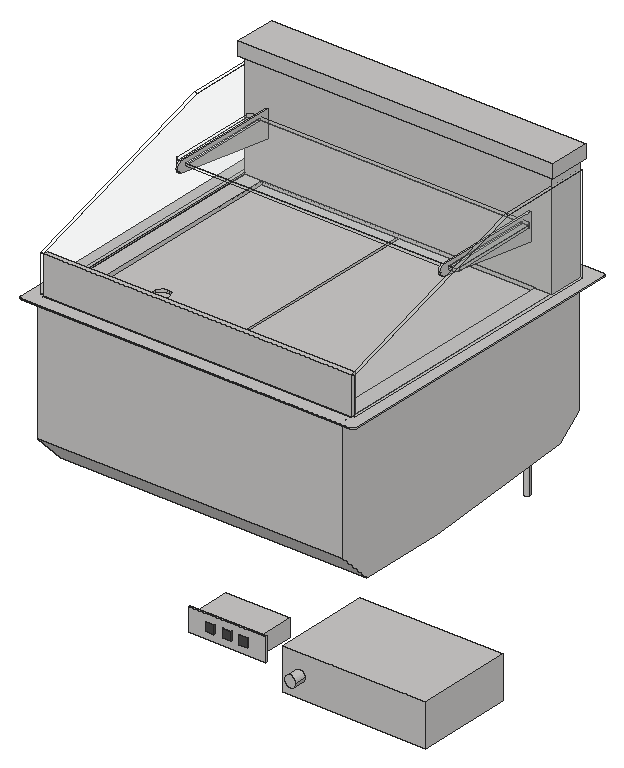
Revit family "QF_ELECTROLUXPROFESSIONAL_341103_D13R2", category Specialty Equipment, Revit 2018
Family settings
  Round Connector Dimension = Use Diameter
  Part Type = Normal
  Work Plane-Based = No
  Always vertical = Yes
  Cut with Voids When Loaded = No
  Shared = No
  Room Calculation Point = No
Parameters (values of type "341050.rfa")
  Weight = 50.70 kg
  Watts = 0 W
  Volts = 0 V
  URL Manufacturer = ""
  URL = ""
  Steam Supply Size = 0 mm
  Steam Supply Minimum Pressure = 0.0 Pa
  Steam Supply Maximum Pressure = 0.0 Pa
  Steam Pounds per Hour = 0
  Show Clearance [instance] = yes
  Remote Electrical Box_Z [instance] = 200.00 mm
  Remote Electrical Box_Y [instance] = 500.00 mm
  Remote Electrical Box_X [instance] = 600.00 mm
  Refrigeration Suction Line Size = 0.042 mm
  Refrigeration Liquid Line Size = 0.031 mm
  Refrigerant Compressor Remote = yes
  Manufacturer = ""
  Phase = 0
  Model = ""
  Length Actual = 800.00 mm  # constant formula
  Item Number = ""
  Hot Water Size = 0 mm
  Height Actual = 670.00 mm  # constant formula
  HP = "0.1 HP"
  Gas Size = 0 mm
  Gas KW = 0
  Gas Input Pressure = 0 W
  Direct Waste Size = 25.4 mm
  Description = ""
  Depth Actual = 750.00 mm  # constant formula
  Cycle = 0 Hz
  Controller_Y [instance] = 500.00 mm
  Controller_1Z [instance] = 200.00 mm
  Controller_1X [instance] = 300.00 mm
  Condensate Return Size = 0 mm
  Compressed Air Volume = 0.0 L/s
  Compressed Air Size = 0 mm
  Compressed Air Pressure = 0.0 Pa
  Cold Water Size = 0 mm
  Accessory = yes
Types (2, lengths in mm): name | Volts | URL Manufacturer | URL | Manufacturer | Phase | Model | Item Number | Description | Cycle
  341050.rfa | 0 V | "" | "" | "" | 0 | "" | "" | "" | 0 Hz
  Standard | 220 V | "http://professional.electrolux.com" | "http://professional.electrolux.com" | "Electrolux Professional" | 1 | "D13R2" | "341103" | "DROP-IN REMOTE, REFRIGERATED WELL, VENTILATED, 1 REF.SHELF AND 1 NEUTRAL SHELF, 2GN" | 50 Hz
Reference planes
  plane 1 "Centro (Fronte/Retro)": y = 74.737
  plane 2: z = 0
  plane 3 "BACK": y = 449.737
  plane 4 "FRONT": y = -300.263
  plane 5 "RIGHT": x = -114.269
  plane 6 "LEFT": x = -914.269
  plane 7: x = -514.269
  plane 8 "TOP": z = 900
  plane 9: y = 417.737
  plane 10: y = -268.263
  plane 11: x = -188.269
  plane 12: x = -840.269
  plane 13: y = 412.237
  plane 14: y = -269.483
  plane 15: x = -888.269
  plane 16: x = -140.269
  plane 17: z = 898
  plane 18: x = -689.269
  plane 19: x = -239.269
  plane 20: x = -677.269
  plane 21: x = -251.269
  plane 22: x = -517.269
  plane 23: x = -511.269
  plane 24: x = -880.269
  plane 25: x = -148.269
  plane 26: y = -229.763
  plane 27: y = 404.237
  plane 28: z = 535.31
  plane 29: z = 220
  plane 30: z = 1041
  plane 31: z = 1049
  plane 32: y = 308.954
  plane 33: y = 83.954
  plane 34: x = -850.269
  plane 35: x = -178.269
  plane 36: x = -828.269
  plane 37: x = -824.269
  plane 38: x = -204.269
  plane 39: x = -200.269
  plane 40 "1": y = -109.263
  plane 41: y = -195.263
  plane 42: y = 344.737
  plane 43: x = -614.269
  plane 44: x = -314.269
  plane 45: y = -50.263
  plane 46: y = -50.263
  plane 47: z = 200
  plane 48: z = 200
Forms (mm)
  Extrusion 1, solid, material "QF_Finishes_Stainless Steel"
    sketch origin (0, 0, 900) x (-1, 0, 0) y (0, -1, 0)
      loop
        arc (904.269, -449.737) -> (911.34, -446.808) -> (914.269, -439.737) r 10
        line (914.269, -439.737) -> (914.269, 290.263)
        arc (914.269, 290.263) -> (911.34, 297.334) -> (904.269, 300.263) r 10
        line (904.269, 300.263) -> (124.269, 300.263)
        arc (124.269, 300.263) -> (117.198, 297.334) -> (114.269, 290.263) r 10
        line (114.269, 290.263) -> (114.269, -439.737)
        arc (114.269, -439.737) -> (117.198, -446.808) -> (124.269, -449.737) r 10
        line (124.269, -449.737) -> (904.269, -449.737)
      loop
        line (880.269, -412.237) -> (880.269, 269.483) -> (148.269, 269.483) -> (148.269, -412.237) -> (880.269, -412.237)
    from 0 to -2
  Extrusion 2, solid, material "QF_Finishes_Stainless Steel"
    sketch origin (234.231, 362.737, 0) x (0, -1, 0) y (0, 0, -1)
      loop
        line (650.5, -605.13) -> (580.68, -535.31) -> (371.981, -535.31) -> (6.32, -567.301) -> (-49.5, -614.14) -> (-49.5, -898) -> (650.5, -898) -> (650.5, -605.13)
    from -1112 to -385
  Extrusion 3, solid, material "QF_Finishes_Stainless Steel"
    sketch origin (231.731, 362.737, 0) x (0, -1, 0) y (0, 0, -1)
      loop
        line (-48.737, -1150.8) -> (32.063, -1150.8) -> (32.063, -898) -> (-48.737, -898) -> (-48.737, -1150.8)
    from -1112 to -380
  Extrusion 4, void
    sketch origin (0, 0, 900) x (-1, 0, 0) y (0, -1, 0)
      loop
        line (840.269, 205.526) -> (188.269, 205.526) -> (188.269, -330.674) -> (840.269, -330.674) -> (840.269, 205.526)
    from 0 to -15
  Extrusion 5, solid, material "QF_Finishes_Stainless Steel"
    sketch origin (0, 0, 900) x (-1, 0, 0) y (0, -1, 0)
      loop
        line (517.269, -330.674) -> (840.269, -330.674) -> (840.269, 205.526) -> (517.269, 205.526) -> (517.269, -330.674)
    from -15 to -10
  Extrusion 6, solid, material "QF_Finishes_Stainless Steel"
    sketch origin (-1028.537, 0, 900) x (1, 0, 0) y (0, 1, 0)
      loop
        line (517.269, 330.674) -> (517.269, -205.526) -> (840.269, -205.526) -> (840.269, 330.674) -> (517.269, 330.674)
    from -15 to -10
  Extrusion 7, solid, material "QF_Finishes_Stainless Steel"
    sketch origin (231.731, 362.737, 0) x (0, -1, 0) y (0, 0, -1)
      loop
        line (41.663, -1182.8) -> (41.663, -1150.8) -> (-58.337, -1150.8) -> (-58.337, -1182.8) -> (41.663, -1182.8)
    from -1120 to -372
  Extrusion 8, solid, material "QF_Finishes_Glass"
    sketch origin (231.731, 362.737, 0) x (0, -1, 0) y (0, 0, -1)
      loop
        line (628.263, -989.8) -> (628.263, -900) -> (-48.737, -900) -> (-48.737, -1130.8) -> (171.263, -1130.8) -> (628.263, -989.8)
    from -372 to -380
  Extrusion 9, solid, material "QF_Finishes_Glass"
    sketch origin (-1260.269, 362.737, 0) x (0, -1, 0) y (0, 0, 1)
      loop
        line (628.263, 989.8) -> (171.263, 1130.8) -> (-48.737, 1130.8) -> (-48.737, 900) -> (628.263, 900) -> (628.263, 989.8)
    from -372 to -380
  Extrusion 10, solid, material "QF_Finishes_Stainless Steel"
    sketch origin (231.731, 362.737, 0) x (0, -1, 0) y (0, 0, -1)
      loop
        line (628.263, -900) -> (618.263, -900) -> (618.263, -989.8) -> (628.263, -989.8) -> (628.263, -900)
    from -1112 to -380
  Extrusion 11, solid, material "QF_Finishes_Glass"
    sketch origin (0, 0, 900) x (-1, 0, 0) y (0, -1, 0)
      loop
        line (850.219, -298.95) -> (850.219, -93.97)
        arc (850.219, -93.97) -> (847.273, -86.858) -> (840.161, -83.912) r 10.058
        line (840.161, -83.912) -> (188.269, -83.912)
        arc (188.269, -83.912) -> (181.198, -86.883) -> (178.269, -93.954) r 10
        line (178.269, -93.954) -> (178.269, -298.954)
        arc (178.269, -298.954) -> (180.997, -305.819) -> (187.694, -308.938) r 10
        line (187.694, -308.938) -> (840.247, -308.938)
        arc (840.247, -308.938) -> (847.304, -306.011) -> (850.219, -298.95) r 9.972
    from 141 to 149
  Extrusion 12, solid, material "QF_Finishes_Stainless Steel"
    sketch origin (231.731, 362.737, 0) x (0, -1, 0) y (0, 0, -1)
      loop
        line (32.063, -1057) -> (288, -1057)
        arc (288, -1057) -> (300, -1045) -> (288, -1033) r 12
        line (288, -1033) -> (32.063, -992.464) -> (32.063, -1057)
      loop
        line (278.825, -1049) -> (278.825, -1041) -> (53.8, -1041) -> (53.8, -1049) -> (278.825, -1049)
    from -436 to -432
  Extrusion 13, solid, material "QF_Finishes_Stainless Steel"
    sketch origin (-392.269, 362.737, 0) x (0, -1, 0) y (0, 0, -1)
      loop
        line (32.063, -1057) -> (288, -1057)
        arc (288, -1057) -> (300, -1045) -> (288, -1033) r 12
        line (288, -1033) -> (32.063, -992.464) -> (32.063, -1057)
      loop
        line (278.825, -1049) -> (278.825, -1041) -> (53.8, -1041) -> (53.8, -1049) -> (278.825, -1049)
    from -436 to -432
  Sweep 14, solid, material "QF_Finishes_Stainless Steel"
    path origin (0, -109.263, 0) x (-1, 0, 0) y (0, 0, 1)
      loop
        line (724.784, 535.31) -> (724.784, 504) -> (818.269, 504)
    profile origin (-724.784, -109.263, 519.655) x (0, 1, 0) y (-1, 0, 0)
      loop
        circle (0, 0) r 18
  Extrusion 15, void
    sketch origin (93.172, -437.297, 900) x (-1, 0, 0) y (0, -1, 0)
      loop
        circle (817.956, -328.034) r 18
    from -15 to -10
  Extrusion 16, solid, material "QF_Finishes_Stainless Steel"
    sketch origin (0, 0, 900) x (-1, 0, 0) y (0, -1, 0)
      loop
        circle (239.269, -369.737) r 6.35
    from -305.771 to -477
  Extrusion 17, solid, material "QF_Finishes_Stainless Steel"
    sketch origin (0, 0, 900) x (-1, 0, 0) y (0, -1, 0)
      loop
        circle (264.269, -369.737) r 4.76
    from -305.771 to -426.936
Cuts and joins
  Extrusion 4 cuts Extrusion 3
  Extrusion 4, Extrusion 15 cuts Extrusion 2
  Extrusion 15 cuts Extrusion 6
  Extrusion 15 cuts Extrusion 5
Lines and regions (mm)
  symbolic lines
    curve 1: line (-124.269, 449.737, 900) -> (-904.269, 449.737, 900)
    curve 2: arc (-904.269, 449.737, 900) -> (-911.34, 446.808, 900) -> (-914.269, 439.737, 900) r 10
    curve 3: line (-914.269, 439.737, 900) -> (-914.269, -290.263, 900)
    curve 4: arc (-914.269, -290.263, 900) -> (-911.34, -297.334, 900) -> (-904.269, -300.263, 900) r 10
    curve 5: line (-904.269, -300.263, 900) -> (-124.269, -300.263, 900)
    curve 6: arc (-124.269, -300.263, 900) -> (-117.198, -297.334, 900) -> (-114.269, -290.263, 900) r 10
    curve 7: line (-114.269, -290.263, 900) -> (-114.269, 439.737, 900)
    curve 8: arc (-114.269, 439.737, 900) -> (-117.198, 446.808, 900) -> (-124.269, 449.737, 900) r 10
    curve 9: line (-140.269, 421.074, 900) -> (-140.269, -269.483, 900)
    curve 10: line (-140.269, -269.483, 900) -> (-888.269, -269.483, 900)
    curve 11: line (-888.269, -269.483, 900) -> (-888.269, 421.074, 900)
    curve 12: line (-140.269, 421.074, 900) -> (-888.269, 421.074, 900)
    curve 13: line (-888.269, 321.074, 900) -> (-140.269, 321.074, 900)
    curve 14: line (-148.269, -205.526, 900) -> (-880.269, -205.526, 900)
    curve 15: line (-148.269, -255.526, 900) -> (-880.269, -255.526, 900)
    curve 16: line (-888.269, -265.526, 900) -> (-140.269, -265.526, 900)
    curve 17: line (-517.269, -205.526, 900) -> (-517.269, 84.474, 900)
    curve 18: line (-511.269, 83.912, 900) -> (-511.269, -205.526, 900)
    curve 19: line (-880.269, 321.074, 900) -> (-880.269, -265.526, 900)
    curve 20: line (-148.269, -265.526, 900) -> (-148.269, 321.074, 900)
    curve 21: line (-850.219, 298.965, 900) -> (-850.219, 93.97, 900)
    curve 22: arc (-840.247, 308.938, 900) -> (-847.298, 306.017, 900) -> (-850.219, 298.965, 900) r 9.972
    curve 23: line (-187.694, 308.938, 900) -> (-200.269, 308.938, 900)
    curve 24: arc (-178.269, 298.954, 900) -> (-180.997, 305.819, 900) -> (-187.694, 308.938, 900) r 10
    curve 25: line (-178.269, 93.954, 900) -> (-178.269, 298.954, 900)
    curve 26: arc (-188.269, 83.954, 900) -> (-181.198, 86.883, 900) -> (-178.269, 93.954, 900) r 10
    curve 27: line (-840.161, 83.912, 900) -> (-188.269, 83.912, 900)
    curve 28: arc (-850.219, 93.97, 900) -> (-847.273, 86.858, 900) -> (-840.161, 83.912, 900) r 10.058
    curve 29: line (-828.269, 321.074, 900) -> (-828.269, 62.737, 900)
    curve 30: line (-824.269, 321.074, 900) -> (-824.269, 62.737, 900)
    curve 31: line (-828.269, 62.737, 900) -> (-824.269, 62.737, 900)
    curve 32: line (-204.269, 321.074, 900) -> (-204.269, 62.737, 900)
    curve 33: line (-204.269, 62.737, 900) -> (-200.269, 62.737, 900)
    curve 34: line (-200.269, 62.737, 900) -> (-200.269, 321.074, 900)
    curve 35: line (-204.269, 308.938, 900) -> (-824.269, 308.938, 900)
    curve 36: line (-828.269, 308.938, 900) -> (-840.247, 308.938, 900)
    curve 37: line (-840.269, -205.526, 900) -> (-840.269, 84.474, 900)
    curve 38: line (-188.269, -205.526, 900) -> (-188.269, 83.954, 900)
    curve 39: line (-840.247, 308.938, 900) -> (-840.247, 321.074, 900)
    curve 40: line (-187.694, 308.938, 900) -> (-187.694, 321.074, 900)
    curve 41: line (-517.269, 308.938, 900) -> (-517.269, 321.074, 900)
    curve 42: line (-511.269, 308.938, 900) -> (-511.269, 321.074, 900)
    curve 43: arc (-724.784, -127.263, 900) -> (-706.784, -109.263, 900) -> (-724.784, -91.263, 900) r 18
    curve 44: arc (-724.784, -91.263, 900) -> (-742.784, -109.263, 900) -> (-724.784, -127.263, 900) r 18
  symbolic lines, style "SpecialityEquipmentHiddenLines"
    curve 45: line (-689.269, 344.737, 900) -> (-239.269, 344.737, 900)
    curve 46: line (-689.269, -195.263, 900) -> (-689.269, 344.737, 900)
    curve 47: line (-239.269, -195.263, 900) -> (-689.269, -195.263, 900)
    curve 48: line (-239.269, 344.737, 900) -> (-239.269, -195.263, 900)
    curve 49: line (-877.769, 412.237, 900) -> (-877.769, -287.763, 900)
    curve 50: line (-877.769, -287.763, 900) -> (-150.769, -287.763, 900)
    curve 51: line (-150.769, -287.763, 900) -> (-150.769, 412.237, 900)
    curve 52: line (-150.769, 412.237, 900) -> (-877.769, 412.237, 900)
Dimensions and locks
  plane 6 "LEFT" to plane 5 "RIGHT" = 800.00 mm
  equal spacing: plane 3 "BACK", plane 1 "Centro (Fronte/Retro)", plane 4 "FRONT"
  plane 3 "BACK" to plane 4 "FRONT" = 750.00 mm
  equal spacing: plane 6 "LEFT", plane 7, plane 5 "RIGHT"
  locked: plane 8 "TOP" to plane 2 at 900
  locked: plane 6 "LEFT" to plane 12 at 74
  locked: plane 11 to plane 5 "RIGHT" at 74
  locked: plane 3 "BACK" to plane 9 at 32
  locked: plane 10 to plane 4 "FRONT" at 32
  locked: plane 3 "BACK" to plane 13 at 37.5
  locked: plane 14 to plane 4 "FRONT" at 30.78
  locked: plane 6 "LEFT" to plane 15 at 26
  locked: plane 16 to plane 5 "RIGHT" at 26
  locked: plane 8 "TOP" to plane 17 at 2
  plane 19 to plane 18 = 450.00 mm  (x2)
  locked: plane 20 to plane 18 at 12
  locked: plane 19 to plane 21 at 12
  locked: plane 22 to plane 23 at 6
  locked: plane 15 to plane 24 at 8
  locked: plane 25 to plane 16 at 8
  plane 19 to plane 7 to plane 18 = 275.00 mm, 175.00 mm
  plane 8 "TOP" to plane 28 = 364.69 mm
  plane 8 "TOP" to plane 29 = 680.00 mm
  plane 30 to plane 8 "TOP" = 141.00 mm
  locked: plane 31 to plane 30 at 8
  plane 34 to plane 35 = 672.00 mm
  equal spacing: plane 34, plane 7, plane 35
  plane 34 to plane 36 to plane 37 = 22.00 mm locked, 4.00 mm locked
  plane 38 to plane 39 to plane 35 = 4.00 mm locked, 22.00 mm locked
  plane 5 "RIGHT" to plane 19 = 125.00 mm
  equal spacing: plane 41, plane 1 "Centro (Fronte/Retro)", plane 42
  plane 41 to plane 42 = 540.00 mm
  "Controller_Y": plane 3 "BACK" to plane 46
  "Remote Electrical Box_Y": plane 3 "BACK" to plane 45
  "Controller_1X": plane 6 "LEFT" to plane 43
  "Remote Electrical Box_X": plane 6 "LEFT" to plane 44
  "Controller_1Z": plane 47 to plane 2
  "Remote Electrical Box_Z": plane 48 to plane 2
  aligned and locked: level to plane 2
  aligned and locked: Extrusion 1 sketch curve to plane 3 "BACK"
  aligned and locked: plane 6 "LEFT" to Extrusion 1 sketch curve
  aligned and locked: plane 4 "FRONT" to Extrusion 1 sketch curve
  aligned and locked: Extrusion 1 sketch curve to plane 5 "RIGHT"
  aligned and locked: Extrusion 1 sketch curve to plane 13
  aligned and locked: plane 14 to Extrusion 1 sketch curve
  aligned and locked: Extrusion 4 sketch curve to cut or joined group of Extrusion 3, Extrusion 4
  aligned and locked: Extrusion 5 sketch curve to cut or joined group of Extrusion 3, Extrusion 4
  aligned and locked: plane 22 to Extrusion 5 sketch curve
  aligned and locked: Extrusion 5 sketch curve to cut or joined group of Extrusion 2, Extrusion 4, Extrusion 15  (x2)
  aligned and locked: Extrusion 8 to plane 25
  aligned and locked: Extrusion 4 sketch curve to plane 12
  aligned and locked: plane 11 to Extrusion 4 sketch curve
  aligned and locked: Extrusion 6 sketch curve to plane 11
  aligned and locked: plane 24 to Extrusion 9
  aligned and locked: Extrusion 3 to plane 24
  aligned and locked: plane 25 to Extrusion 3
  aligned and locked: Extrusion 10 to plane 24
  aligned and locked: plane 25 to Extrusion 10
  aligned and locked: cut or joined group of Extrusion 2, Extrusion 4, Extrusion 15 to Extrusion 6
  aligned and locked: Extrusion 11 to plane 30
  aligned and locked: plane 31 to Extrusion 11
  aligned and locked: plane 43 to nested 2
  aligned and locked: plane 44 to nested 3
  aligned and locked: plane 45 to nested 3
  aligned and locked: nested 2 to plane 46
  aligned and locked: nested 3 to plane 48
  aligned and locked: nested 2 to plane 47
Automatic sketch dimensions
  Extrusion 1 sketch curve to plane 5 "RIGHT" = 10.00 mm
  Extrusion 1 sketch curve to plane 3 "BACK" = 10.00 mm  (x2)
  Extrusion 1 sketch curve to Extrusion 1 sketch curve = 10.00 mm
  Extrusion 2 sketch curve to plane 28 = 0.00 mm
  plane 13 to Extrusion 2 sketch curve = 0.00 mm
  plane 32 to Extrusion 2 sketch curve = 47.463 mm
  plane 1 "Centro (Fronte/Retro)" to Extrusion 2 sketch curve = 83.981 mm
  plane 26 to Extrusion 2 sketch curve = 11.82 mm
  plane 4 "FRONT" to Extrusion 2 sketch curve = 12.50 mm
  plane 28 to Extrusion 2 sketch curve = 78.83 mm
  plane 28 to Extrusion 2 sketch curve = 69.82 mm
  plane 28 to Extrusion 2 sketch curve = 31.991 mm
  Extrusion 3 sketch curve to plane 17 = 0.00 mm
  Extrusion 3 sketch curve to plane 13 = 0.763 mm
  plane 32 to Extrusion 3 sketch curve = 21.72 mm
  plane 31 to Extrusion 3 sketch curve = 101.80 mm
  plane 26 to Extrusion 4 sketch curve = 24.237 mm
  Extrusion 6 sketch curve to plane 23 = 0.00 mm
  Extrusion 6 sketch curve to plane 32 = 21.72 mm
  Extrusion 6 sketch curve to plane 26 = 24.237 mm
  plane 9 to Extrusion 7 sketch curve = 3.337 mm
  plane 32 to Extrusion 7 sketch curve = 12.12 mm
  plane 31 to Extrusion 7 sketch curve = 133.80 mm
  Extrusion 7 sketch curve to Extrusion 7 sketch curve = 32.00 mm
  Extrusion 8 sketch curve to plane 8 "TOP" = 0.00 mm
  Extrusion 8 sketch curve to plane 13 = 0.763 mm
  plane 33 to Extrusion 8 sketch curve = 107.52 mm
  plane 10 to Extrusion 8 sketch curve = 2.737 mm
  Extrusion 8 sketch curve to plane 30 = 51.20 mm
  plane 31 to Extrusion 8 sketch curve = 81.80 mm
  Extrusion 9 sketch curve to plane 8 "TOP" = 0.00 mm
  Extrusion 9 sketch curve to plane 13 = 0.763 mm
  plane 33 to Extrusion 9 sketch curve = 107.52 mm
  plane 10 to Extrusion 9 sketch curve = 2.737 mm
  Extrusion 9 sketch curve to plane 30 = 51.20 mm
  plane 31 to Extrusion 9 sketch curve = 81.80 mm
  Extrusion 10 sketch curve to plane 8 "TOP" = 0.00 mm
  plane 10 to Extrusion 10 sketch curve = 12.737 mm
  plane 10 to Extrusion 10 sketch curve = 2.737 mm
  Extrusion 10 sketch curve to plane 30 = 51.20 mm
  Extrusion 11 sketch curve to plane 35 = 0.00 mm
  Extrusion 11 sketch curve to plane 11 = 0.00 mm  (x3)
  Extrusion 11 sketch curve to plane 33 = 0.00 mm
  Extrusion 11 sketch curve to plane 32 = 0.017 mm
  plane 11 to Extrusion 11 sketch curve = 0.574 mm
  Extrusion 11 sketch curve to plane 33 = 0.042 mm
  plane 12 to Extrusion 11 sketch curve = 0.107 mm
  plane 12 to Extrusion 11 sketch curve = 0.022 mm
  plane 34 to Extrusion 11 sketch curve = 0.05 mm
  Extrusion 11 sketch curve to Extrusion 11 sketch curve = 9.972 mm
  Extrusion 12 sketch curve to plane 30 = 0.00 mm
  Extrusion 12 sketch curve to plane 31 = 0.00 mm
  Extrusion 12 sketch curve to plane 1 "Centro (Fronte/Retro)" = 0.00 mm
  Extrusion 12 sketch curve to plane 33 = 0.042 mm
  Extrusion 12 sketch curve to plane 32 = 0.017 mm
  plane 31 to Extrusion 12 sketch curve = 8.00 mm
  plane 32 to Extrusion 12 sketch curve = 21.72 mm
  plane 30 to Extrusion 12 sketch curve = 4.00 mm
  Extrusion 12 sketch curve to plane 30 = 48.536 mm
  Extrusion 13 sketch curve to plane 30 = 0.00 mm
  Extrusion 13 sketch curve to plane 31 = 0.00 mm
  Extrusion 13 sketch curve to plane 1 "Centro (Fronte/Retro)" = 0.00 mm
  Extrusion 13 sketch curve to plane 33 = 0.042 mm
  Extrusion 13 sketch curve to plane 32 = 0.017 mm
  plane 31 to Extrusion 13 sketch curve = 8.00 mm
  plane 32 to Extrusion 13 sketch curve = 21.72 mm
  plane 30 to Extrusion 13 sketch curve = 4.00 mm
  Extrusion 13 sketch curve to plane 30 = 48.536 mm
  Sweep 14 sketch curve to plane 28 = 0.00 mm
  Sweep 14 sketch curve to plane 18 = 35.515 mm
  Sweep 14 sketch curve to Sweep 14 sketch curve = 31.31 mm
  plane 37 to Sweep 14 sketch curve = 6.00 mm
  Sweep 14 sketch curve to plane 40 "1" = 0.00 mm
  Sweep 14 sketch curve to profile plane = 0.00 mm
  plane 40 "1" to Extrusion 15 sketch curve = 0.00 mm
  Extrusion 15 sketch curve to plane 18 = 35.515 mm
  Extrusion 2 sketch curve to plane 17 = 0.00 mm
  plane 15 to Extrusion 1 sketch curve = 8.00 mm
  Extrusion 1 sketch curve to plane 16 = 8.00 mm
  curve 43 to curve 44 = 0.00 mm  (x2)
  curve 7 to plane 5 "RIGHT" = 0.00 mm
  curve 8 to plane 3 "BACK" = 0.00 mm
  curve 6 to plane 4 "FRONT" = 0.00 mm
  curve 12 to plane 16 = 0.00 mm
  curve 20 to plane 25 = 0.00 mm
  curve 25 to plane 35 = 0.00 mm
  curve 24 to plane 11 = 0.00 mm
  curve 38 to plane 11 = 0.00 mm
  curve 27 to plane 11 = 0.00 mm
  curve 34 to plane 39 = 0.00 mm
  curve 33 to plane 38 = 0.00 mm
  curve 48 to plane 19 = 0.00 mm
  curve 42 to plane 23 = 0.00 mm
  curve 18 to plane 23 = 0.00 mm
  curve 17 to plane 22 = 0.00 mm
  curve 41 to plane 22 = 0.00 mm
  curve 47 to plane 18 = 0.00 mm
  curve 44 to plane 40 "1" = 0.00 mm
  curve 30 to plane 37 = 0.00 mm
  curve 36 to plane 36 = 0.00 mm
  curve 37 to plane 12 = 0.00 mm
  curve 19 to plane 24 = 0.00 mm
  curve 11 to plane 14 = 0.00 mm
  curve 11 to plane 15 = 0.00 mm
  curve 4 to plane 6 "LEFT" = 0.00 mm
  curve 48 to plane 42 = 0.00 mm
  curve 38 to plane 33 = 0.00 mm
  curve 48 to plane 41 = 0.00 mm
  curve 7 to curve 8 = 10.00 mm
  plane 4 "FRONT" to curve 6 = 10.00 mm
  curve 51 to plane 25 = 2.50 mm
  curve 23 to plane 32 = 0.017 mm
  plane 11 to curve 23 = 0.574 mm
  curve 44 to plane 18 = 35.515 mm
  plane 12 to curve 28 = 0.107 mm
  plane 12 to curve 36 = 0.022 mm
  plane 34 to curve 21 = 0.05 mm
  plane 24 to curve 49 = 2.50 mm
  plane 6 "LEFT" to curve 5 = 10.00 mm
  curve 2 to curve 2 = 10.00 mm
  plane 9 to curve 12 = 3.337 mm
  plane 13 to curve 51 = 0.00 mm
  curve 39 to plane 32 = 0.017 mm
  plane 33 to curve 21 = 10.016 mm
  plane 1 "Centro (Fronte/Retro)" to curve 33 = 12.00 mm
  plane 1 "Centro (Fronte/Retro)" to curve 30 = 12.00 mm
  plane 4 "FRONT" to curve 50 = 12.50 mm
  plane 32 to curve 30 = 12.12 mm
  curve 35 to plane 32 = 0.017 mm
  plane 33 to curve 17 = 0.52 mm
  plane 33 to curve 37 = 0.52 mm
  plane 40 "1" to curve 43 = 18.00 mm
  curve 14 to plane 41 = 10.263 mm
  plane 10 to curve 15 = 12.737 mm
  plane 10 to curve 19 = 2.737 mm
  Extrusion 16 sketch curve to plane 19 = 0.00 mm
  plane 42 to Extrusion 16 sketch curve = 25.00 mm
  Extrusion 17 sketch curve to plane 21 = 13.00 mm
  plane 42 to Extrusion 17 sketch curve = 25.00 mm
  radius of Sweep 14 sketch curve = 18.00 mm
  radius of Extrusion 15 sketch curve = 18.00 mm
  radius of Extrusion 16 sketch curve = 6.35 mm
  radius of Extrusion 17 sketch curve = 4.76 mm
Nested families
  nested 1: "Refrigerator" at (-294.269, -110.263, 900), type "Refrigerator"
  nested 2: "Controller" at (-614.269, -50.263, 200), type "Controller"
  nested 3: "Remote_Electrical_Box" at (-314.269, 64.737, 100), type "Remote_Electrical_Box"
Connectors
  piping at (-818.269, -109.263, 504), diameter 36
    settings: on Sweep 14, index 1, connector inside diameter 609.6 mm, connector length 0.00 mm, flow factor 0, pipe flow 0.0 L/s, pressure drop 0.0 Pa, fitting loss kfactor 0, connector angle 0.00°, fixture units 0, engagement length 0.00 mm, angle of deflection 0.00°, flow configuration 1, flow direction 1, fitting loss method 0, system type 16, joint type 0, gender type 0, connector reference index -1, connector utility 0, adjustable connector no, is connector primary yes, connector description "Drain"
  electrical at (-444.269, -77.263, 149.381)
    settings: on nested 3, index 2, voltage 0 V, apparent load 0 VA, apparent load phase1 0 VA, apparent load phase2 0 VA, apparent load phase3 0 VA, power factor 1, load classification "Altro", number of poles 1, system type 14, power factor state 1, is connector primary yes, connector utility no, sub classification motor no, connector description ""
  piping at (-239.269, 369.737, 423), diameter 12.7
    settings: on Extrusion 16, index 3, connector inside diameter 609.6 mm, connector length 0.00 mm, flow factor 0, pipe flow 0.0 L/s, pressure drop 0.0 Pa, fitting loss kfactor 0, connector angle 0.00°, fixture units 0, engagement length 0.00 mm, angle of deflection 0.00°, flow configuration 0, flow direction 0, fitting loss method 0, system type 22, joint type 0, gender type 0, connector reference index -1, connector utility 0, adjustable connector no, is connector primary no, connector description ""
  piping at (-264.269, 369.737, 473.064), diameter 9.6
    settings: on Extrusion 17, index 4, connector inside diameter 609.6 mm, connector length 0.00 mm, flow factor 0, pipe flow 0.0 L/s, pressure drop 0.0 Pa, fitting loss kfactor 0, connector angle 0.00°, fixture units 0, engagement length 0.00 mm, angle of deflection 0.00°, flow configuration 0, flow direction 0, fitting loss method 0, system type 22, joint type 0, gender type 0, connector reference index -1, connector utility 0, adjustable connector no, is connector primary no, connector description ""
Definition of nested family "Controller"
  Reference planes
    plane 1 "Center (Front/Back)": y = 0
    plane 2: z = 0
    plane 3 "Center (Left/Right)": x = 0
  Forms (mm)
    Extrusion 1, solid
      sketch origin (0, 44.769, -48.2) x (1, 0, 0) y (0, 1, 0)
        loop
          line (-76, 43.231) -> (-76, -47.65) -> (76, -47.65) -> (76, 43.231) -> (-76, 43.231)
      from 6.2 to 48.2
    Extrusion 2, solid
      sketch origin (0, 44.769, -48.2) x (1, 0, 0) y (0, 0, 1)
        loop
          line (-92.25, 54.4) -> (-92.25, 0) -> (92.25, 0) -> (92.25, 54.4) -> (-92.25, 54.4)
        loop
          line (-76, 48.2) -> (-76, 6.2) -> (76, 6.2) -> (76, 48.2) -> (-76, 48.2)
      from 44.769 to 47.65
    Extrusion 3, solid
      sketch origin (76, -2.881, -48.2) x (-1, 0, 0) y (0, 0, -1)
        loop
          line (106, -37.2) -> (126, -37.2) -> (126, -17.2) -> (106, -17.2) -> (106, -37.2)
        loop
          line (66, -37.2) -> (86, -37.2) -> (86, -17.2) -> (66, -17.2) -> (66, -37.2)
        loop
          line (26, -37.2) -> (46, -37.2) -> (46, -17.2) -> (26, -17.2) -> (26, -37.2)
      from 0 to 2
    Extrusion 4, void
      sketch origin (0, 0, 0) x (1, 0, 0) y (0, 1, 0)
        loop
          line (76, 88) -> (-76, 88) -> (-76, 0) -> (76, 0) -> (76, 88)
      from 0 to -42
  Cuts and joins
    Extrusion 4 cuts Extrusion 2
    joined: Extrusion 1, Extrusion 2
  Lines and regions (mm)
    symbolic lines
      curve 1: line (-76, 88, 0) -> (-76, 0, 0)
      curve 2: line (76, 88, 0) -> (-76, 88, 0)
      curve 3: line (76, 0, 0) -> (76, 88, 0)
      curve 4: line (-92.25, -2.881, 0) -> (92.25, -2.881, 0)
      curve 5: line (-92.25, 0, 0) -> (-92.25, -2.881, 0)
      curve 6: line (92.25, 0, 0) -> (-92.25, 0, 0)
      curve 7: line (92.25, -2.881, 0) -> (92.25, 0, 0)
  Dimensions and locks
    aligned and locked: level to plane 2
Definition of nested family "Remote_Electrical_Box"
  Parameters (values of type "Remote_Electrical_Box")
    Default Elevation = 1219.20 mm
  Reference planes
    plane 1 "Center (Front/Back)": y = 0
    plane 2: z = 0
    plane 3 "Center (Left/Right)": x = 0
    plane 4: x = -170
    plane 5: x = 170
    plane 6: y = 115
    plane 7: y = -115
    plane 8: z = 100
    plane 9: z = 50
  Forms (mm)
    Extrusion 1, solid
      sketch origin (0, 0, 0) x (1, 0, 0) y (0, 1, 0)
        loop
          line (-170, 115) -> (-170, -115) -> (170, -115) -> (170, 115) -> (-170, 115)
      from 0 to 100
    Extrusion 2, solid
      sketch origin (0, 0, 0) x (1, 0, 0) y (0, 0, 1)
        loop
          circle (-130, 49.381) r 13
      from 115 to 142
  Lines and regions (mm)
    symbolic lines
      curve 1: line (-170, 115, 0) -> (170, 115, 0)
      curve 2: line (-170, -115, 0) -> (-170, 115, 0)
      curve 3: line (170, -115, 0) -> (-170, -115, 0)
      curve 4: line (170, 115, 0) -> (170, -115, 0)
      curve 5: line (-143, -142, 0) -> (-117, -142, 0)
      curve 6: line (-143, -142, 0) -> (-143, -115, 0)
      curve 7: line (-117, -142, 0) -> (-117, -115, 0)
  Dimensions and locks
    equal spacing: plane 4, plane 3 "Center (Left/Right)", plane 5
    equal spacing: plane 6, plane 1 "Center (Front/Back)", plane 7
    plane 4 to plane 5 = 340.00 mm
    plane 6 to plane 7 = 230.00 mm
    Extrusion 1 to Extrusion 2 sketch curve = 40.00 mm
    equal spacing: plane 8, plane 9, plane 2
    aligned and locked: level to plane 2
    aligned and locked: Extrusion 1 sketch curve to plane 6
    aligned and locked: plane 4 to Extrusion 1 sketch curve
    aligned and locked: plane 7 to Extrusion 1 sketch curve
    aligned and locked: Extrusion 1 sketch curve to plane 5
    aligned and locked: plane 7 to Extrusion 2
    aligned and locked: plane 8 to Extrusion 1
  Automatic sketch dimensions
    level to Extrusion 2 sketch curve = 49.381 mm
    curve 3 to plane 4 = 0.00 mm
    curve 7 to plane 7 = 0.00 mm
    curve 3 to plane 5 = 0.00 mm
    curve 2 to plane 6 = 0.00 mm
    plane 4 to curve 6 = 27.00 mm
    curve 5 to curve 6 = 27.00 mm
    curve 6 to curve 7 = 26.00 mm
    radius of Extrusion 2 sketch curve = 13.00 mm
Definition of nested family "Refrigerator"
  Reference planes
    plane 1 "Center (Front/Back)": y = 0
    plane 2: z = 0
    plane 3 "Center (Left/Right)": x = 0
  Lines and regions (mm)
    detail lines, in view "Ref. Level"
      curve 1: line (0, -60, 0) -> (0, 60, 0)
      curve 2: line (-51.962, 30, 0) -> (51.962, -30, 0)
      curve 3: line (-51.962, -30, 0) -> (51.962, 30, 0)
      curve 4: line (19.116, 56.873, 0) -> (0, 35, 0)
      curve 5: line (0, 35, 0) -> (-19.116, 56.873, 0)
      curve 6: line (-30.311, 17.5, 0) -> (-40, 45.883, 0)
      curve 7: line (-59.736, 11.7, 0) -> (-30.311, 17.5, 0)
      curve 8: line (-30.311, -17.5, 0) -> (-59.736, -11.7, 0)
      curve 9: line (-40, -45.883, 0) -> (-30.311, -17.5, 0)
      curve 10: line (0, -35, 0) -> (-19.116, -56.873, 0)
      curve 11: line (19.116, -56.873, 0) -> (0, -35, 0)
      curve 12: line (30.311, -17.5, 0) -> (39.696, -44.992, 0)
      curve 13: line (58.812, -11.882, 0) -> (30.311, -17.5, 0)
      curve 14: line (30.311, 17.5, 0) -> (58.812, 11.882, 0)
      curve 15: line (39.696, 44.992, 0) -> (30.311, 17.5, 0)
